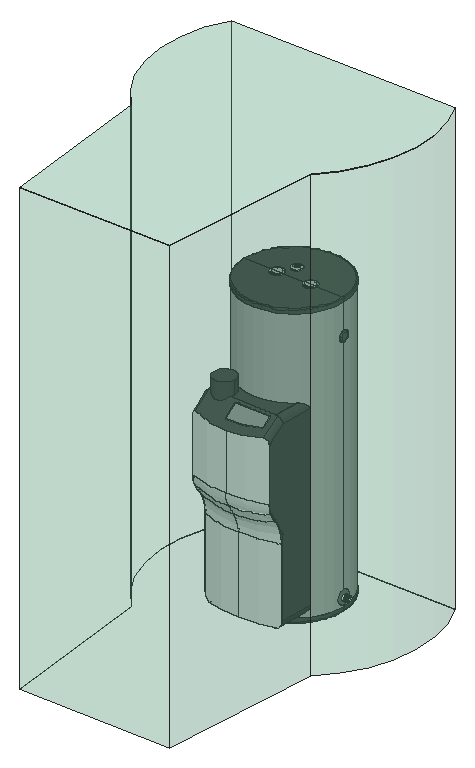
Revit family "Innovo  BENL_IR 32 245 BENL NAT", category Mechanical Equipment, Revit 2015
Parameters (values of type "IR-32-245 BENL NAT")
  Werkruimte Radius = Diameter + 170 mm  # 780 mm
  Werkruimte Hoogte = Hoogte + 1000 mm  # 2745 mm
  Werkruimte Afstand Voor = 1000 mm
  Werkruimte [instance] = yes
  Voorzorgsmaatregelen tijdens montage, installatie of onderhoud = "zie Gebruikers, Installatie, Service en Onderhouds handleiding"  # constant formula
  Voltage = 230 V  # constant formula
  Verpakkingslengte = 946 mm  # constant formula
  Verpakkingshoogte = 1895 mm
  Verpakkingsbreedte = 786 mm  # constant formula
  Uitsluitend werkend in daluren = no
  Uitschakeldruk LDS < = "210"
  Type aanduiding = "IR-32-285"
  Transportgewicht = 153 kg
  Totaal Gewicht = 438 kg
  Stilstandsverlies - dagelijks (24u) = 0 W
  Stilstandsverlies = 0 W
  Standaard Afgesteld op = "G20/G25"
  Stand Regelthermostaat = 65 °C  # constant formula
  Soort Verpakking = "Karton en Hout"  # constant formula
  Slimme controlefunctie = no
  Setpoint thermostaat = 65 °C  # constant formula
  Seizoens Rendement (Hs) = [Rendement (Hs, vlgs. NEN-EN 89 - 1999)]  # 96
  Rendement (Hs, vlgs. NEN-EN 89 - 1999) = 96
  Rendement (Hi, vlgs. NEN-EN 89 - 1999) = 107
  Produktspecificaties Link = ""
  Produkthandleiding Link = ""
  Produkt Model Nummer (EAN-nummer) = "8717449286316"
  Onderhoudsinterval = "12 maanden"  # constant formula
  Nominale Belasting (Onderwaarde) = "29000.0/24100.0"
  Nominale Belasting (Bovenwaarde) = "32200.0/26800.0"
  Nominaal Vermogen = "31000.0/25800.0"
  NOx-uitstoot mg/kWh = "37.0/27.0"
  NOx-uitstoot (lucht vrij, 0% O2) ppm = "24.0/17.0"
  Min. Stand Regelthermostaat = 40 °C  # constant formula
  Max. Werkdruk = 800000.0 Pa
  Max. Stand Regelthermostaat = 85 °C  # constant formula
  Max. Rookgastemperatuur = 65 °C
  Ledig Gewicht = 136 kg
  Kraan Hoogte 02 = if(and(Hoogte = 1745 mm, Diameter = 675 mm), 1518 mm, if(and(Hoogte = 1745 mm, Diameter = 610 mm), 1534 mm, if(Hoogte = 1545 mm, 1328 mm, 1070 mm)))  # 1534 mm
  Kraan Hoogte 01 = if(and(Diameter > 560 mm), 693 mm, 604 mm)  # 693 mm
  URL = "www.aosmith.be"
  Tapcapaciteit bij ΔT = 70°C  na 90 min. = 770.0 L
  Tapcapaciteit bij ΔT = 70°C  na 60 min. = 580.0 L
  Tapcapaciteit bij ΔT = 70°C  na 30 min. = 390.0 L
  Tapcapaciteit bij ΔT = 70°C  na 120 min. = 960.0 L
  Tapcapaciteit bij ΔT = 55°C  na 90 min. = 1000.0 L
  Tapcapaciteit bij ΔT = 55°C  na 60 min. = 760.0 L
  Tapcapaciteit bij ΔT = 55°C  na 30 min. = 520.0 L
  Tapcapaciteit bij ΔT = 55°C  na 120 min. = 1300.0 L
  Tapcapaciteit bij ΔT = 50°C  na 90 min. = 1200.0 L
  Tapcapaciteit bij ΔT = 50°C  na 60 min. = 840.0 L
  Tapcapaciteit bij ΔT = 50°C  na 30 min. = 570.0 L
  Tapcapaciteit bij ΔT = 50°C na 120 min. = 1400.0 L
  Tapcapaciteit bij ΔT = 44°C na 120 min. = 1300.0 L
  Tapcapaciteit bij ΔT = 44°C  na 90 min. = 960.0 L
  Tapcapaciteit bij ΔT = 44°C  na 60 min. = 660.0 L
  Tapcapaciteit bij ΔT = 44°C  na 30 min. = 1600.0 L
  Tapcapaciteit bij ΔT = 28°C na 90 min. = 2100.0 L
  Tapcapaciteit bij ΔT = 28°C na 60 min. = 1600.0 L
  Tapcapaciteit bij ΔT = 28°C na 30 min. = 1100.0 L
  Tapcapaciteit bij ΔT = 28°C na 120 min. = 2500.0 L
  Tapcapaciteit Continu bij ΔT = 70°C = 380.0 L/s
  Tapcapaciteit Continu bij ΔT = 55°C = 490.0 L/s
  Tapcapaciteit Continu bij ΔT = 50°C = 540.0 L/s
  Tapcapaciteit Continu bij ΔT = 44°C = 610.0 L/s
  Tapcapaciteit Continu bij ΔT = 28°C = 960.0 L/s
  Opwarmtijd bij ΔT = 70°C = "38"
  Opwarmtijd bij ΔT = 55°C = "30"
  Opwarmtijd bij ΔT = 50°C = "27"
  Opwarmtijd bij ΔT = 44°C = "24"
  Opwarmtijd bij ΔT = 28°C = "16"
  Model = "IR-32-285 BENL NAT"
  Manufacturer = "A.O. Smith Water Products Company b.v."  # constant formula
  Length = 780 mm  # constant formula
  Jaarlijks elektriciteitsverbruik (2) = "-"
  Jaarlijks elektriciteitsverbruik (1) = "48 kWh"
  Jaarlijks brandstofverbruik (2) = "-"
  Jaarlijks brandstofverbruik (1) = "21 GJ GCV"
  Isolatiedikte = 44 mm
  Installatie Typen = "B23/C13/C33/C43/C53/C63"  # constant formula
  Inhoud = 285.0 L
  Hoogte Warm Water Uitlaat = 1745 mm
  Hoogte Rookgasafvoer = 1350 mm
  Hoogte Lucht Inlaat = 1350 mm
  Hoogte Koud Water Inlaat = 170 mm
  Hoogte Gas Aansluiting = 905 mm
  Hoogte = 1745 mm
  Handelsmerk = "A.O. Smith"  # constant formula
  Geluidsniveau dB (A) = "<45"  # constant formula
  Geluidsniveau binnen = "58 dB"
  Gasverbruik - Volume ltr/hr = "3.10/3.00"
  Gasverbruik - Massa kg/h = "n.v.t."
  Gascategorie = "I2E(S)B"  # constant formula
  Gas Voordruk = "2000/2500 Pa"
  Gas Aansluiting = 15"  # constant formula
  Garrantie op Tank = "36 maanden"  # constant formula
  Garrantie op Onderdelen = "12 maanden"  # constant formula
  Frequentie = 50 Hz  # constant formula
  Fase = 1
  Fabrikantnummer = "E 7110"  # constant formula
  Energie-efficiëntieklasse voor waterverwarming (2) = "-"
  Energie-efficiëntieklasse voor waterverwarming (1) = "A"  # constant formula
  Energie-efficiëntie voor waterverwarming (2) = "-"
  Energie-efficiëntie voor waterverwarming (1) = "90%"
  Elektrisch Vermogen (piek) = 105 W
  Elektrisch Vermogen (nominaal) = 85 W
  Diameter Schoorsteen - parallel systeem = "2x80"  # constant formula
  Diameter Schoorsteen - concentrisch systeem = "80/125 mm/mm"  # constant formula
  Diameter Schoorsteen - boiler = "80/125 mm/mm"  # constant formula
  Diameter = 610 mm
  Description = "Condenserende Hoog Rendementsboiler"  # constant formula
  Created By = "http://www.cadcompany.nl/"
  Capaciteitsprofiel = "XXL"
  CO2-uitstoot (tol. +/- 1.0) vol% = "9.3/7.5"
  CE-PIN = "0063CQ3037"  # constant formula
  Breedte = Diameter  # 610 mm
  Bestemming / Land = "BelgIë"  # constant formula
  BIM Content Developer = "CAD & Company"  # constant formula
  Assembly Code = "D3010"
  Ander capaciteitsprofiel = "-"
  Aansluiting Warm Water = 1"
  Aansluiting T&P = 1"
  Aansluiting Koud Water = 3/4"  # constant formula
  Aansluiting Condensafvoer = 40 mm  # constant formula
  Aansluiting Aftapkraan = 3/4"  # constant formula
  2e Onderhoud (algeheel onderhoud) = "12 maanden na installatie"  # constant formula
  1e Onderhoud (check-up) = "3 maanden na installatie"  # constant formula
Reference planes
  plane 1 "Center (Front/Back)": y = 0
  plane 2: z = 0
  plane 3 "Center (Left/Right)": x = 0
  plane 4 "Pipe": through (-383.901, 912.349, 194.799) normal (-0.0879, -0.0879, 0.9923)
  plane 5 "footing": y = 118.925
  plane 6 "footing front": y = -237.85
  plane 7: x = -305
  plane 8: x = 305
  plane 9: z = 1745
Forms (mm)
  Revolve 1, solid, material "RAL 9005", detail levels medium+fine
    sketch origin (0, -237.85, 0) x (-1, 0, 0) y (0, 0, 1)
      loop
        line (0, 28.9) -> (-15, 28.9) -> (-15, 26.4) -> (-8.671, 26.4) -> (-8.671, 18) -> (-5.686, 18) -> (-6.626, 17.06) -> (-6.626, 12.06) -> (-8.671, 12.06) -> (-8.671, 10) -> (-10.031, 10) -> (-23.271, 5.181)
        arc (-23.271, 5.181) -> (-23.763, 4.836) -> (-24.017, 4.293) r 1.159
        line (-24.017, 4.293) -> (-24.017, 1.03)
        arc (-24.017, 1.03) -> (-23.715, 0.302) -> (-22.986, 0) r 1.03
        line (-22.986, 0) -> (0, 0) -> (0, 28.9)
      axis (0, 28.9) -> (0, 0)
    angle from 0 to 360
  Revolve 2, solid, material "RAL 9005", detail levels medium+fine
    sketch origin (0, 118.925, 0) x (-1, 0, 0) y (0, 0, 1)
      loop
        line (-205.984, 28.9) -> (-220.984, 28.9) -> (-220.984, 26.4) -> (-214.655, 26.4) -> (-214.655, 18) -> (-211.67, 18) -> (-212.61, 17.06) -> (-212.61, 12.06) -> (-214.655, 12.06) -> (-214.655, 10) -> (-216.015, 10) -> (-229.256, 5.181)
        arc (-229.256, 5.181) -> (-229.747, 4.836) -> (-230.001, 4.293) r 1.159
        line (-230.001, 4.293) -> (-230.001, 1.03)
        arc (-230.001, 1.03) -> (-229.699, 0.302) -> (-228.971, 0) r 1.03
        line (-228.971, 0) -> (-205.984, 0) -> (-205.984, 28.9)
      axis (-205.984, 28.9) -> (-205.984, 0)
    angle from 0 to 360
  Revolve 3, solid, material "RAL 9005", detail levels medium+fine
    sketch origin (0, 118.925, 0) x (-1, 0, 0) y (0, 0, 1)
      loop
        line (204.016, 28.9) -> (189.016, 28.9) -> (189.016, 26.4) -> (195.345, 26.4) -> (195.345, 18) -> (198.33, 18) -> (197.39, 17.06) -> (197.39, 12.06) -> (195.345, 12.06) -> (195.345, 10) -> (193.985, 10) -> (180.744, 5.181)
        arc (180.744, 5.181) -> (180.253, 4.836) -> (179.999, 4.293) r 1.159
        line (179.999, 4.293) -> (179.999, 1.03)
        arc (179.999, 1.03) -> (180.301, 0.302) -> (181.029, 0) r 1.03
        line (181.029, 0) -> (204.016, 0) -> (204.016, 28.9)
      axis (204.016, 28.9) -> (204.016, 0)
    angle from 0 to 360
Lines and regions (mm)
  symbolic lines
    curve 1: line (0, 280.06, 0) -> (0, -280.06, 0)
    curve 2: line (-280.06, 0, 0) -> (280.06, 0, 0)
  symbolic lines, style "Workspace"
    curve 3: line (681.142, 380.06, 0) -> (-681.142, 380.06, 0)
    curve 4: arc (-681.142, 380.06, 0) -> (-777.325, -64.546, 0) -> (-609.127, -487.2, 0) r 780
    curve 5: line (-609.127, -487.2, 0) -> (-421.783, -1517.825, 0)
    curve 6: line (-421.783, -1517.825, 0) -> (424.03, -1517.825, 0)
    curve 7: line (424.03, -1517.825, 0) -> (611.027, -484.816, 0)
    curve 8: arc (611.027, -484.816, 0) -> (777.449, -63.027, 0) -> (681.142, 380.06, 0) r 780
Dimensions and locks
  plane 5 "footing" to plane 1 "Center (Front/Back)" = 118.925 mm
  plane 1 "Center (Front/Back)" to plane 6 "footing front" = 237.85 mm
  "Diameter": plane 7 to plane 8
  equal spacing: plane 7, plane 3 "Center (Left/Right)", plane 8
  "Hoogte": plane 9 to plane 2
  "Werkruimte Afstand Voor": curve 6 to nested 3
  "Werkruimte Radius": radius of curve 4
  "Werkruimte Radius": radius of curve 8
  aligned and locked: level to plane 2
  aligned and locked: nested 3 to Revolve 1 sketch curve
  aligned and locked: plane 3 "Center (Left/Right)" to Revolve 1 sketch curve
  aligned and locked: nested 3 to plane 1 "Center (Front/Back)"
  aligned and locked: plane 3 "Center (Left/Right)" to nested 3
  aligned and locked: nested 1 to plane 8
  aligned and locked: nested 5 to plane 8
  aligned and locked: nested 2 to plane 7
  aligned and locked: nested 4 to plane 7
  aligned and locked: nested 7 to plane 7
  aligned and locked: nested 8 to plane 3 "Center (Left/Right)"
  aligned and locked: nested 8 to nested 3
  aligned and locked: curve 3 to nested 8
Automatic sketch dimensions
  Revolve 1 sketch curve to level = 0 mm
  plane 3 "Center (Left/Right)" to Revolve 1 sketch curve = 5.686 mm
  Revolve 1 sketch curve to Revolve 1 sketch curve = 0.94 mm  (x2)
  Revolve 1 sketch curve to Revolve 1 sketch curve = 2.046 mm  (x2)
  Revolve 1 sketch curve to Revolve 1 sketch curve = 1.359 mm
  Revolve 1 sketch curve to Revolve 1 sketch curve = 6.329 mm
  level to Revolve 1 sketch curve = 4.091 mm
  Revolve 1 sketch curve to Revolve 1 sketch curve = 12.844 mm
  level to Revolve 1 sketch curve = 1.03 mm
  Revolve 1 sketch curve to Revolve 1 sketch curve = 0.111 mm
  level to Revolve 1 sketch curve = 5.181 mm
  Revolve 1 sketch curve to Revolve 1 sketch curve = 0.745 mm
  level to Revolve 1 sketch curve = 10 mm
  Revolve 1 sketch curve to Revolve 1 sketch curve = 2.06 mm
  Revolve 1 sketch curve to Revolve 1 sketch curve = 5 mm
  Revolve 1 sketch curve to Revolve 1 sketch curve = 8.4 mm
  Revolve 1 sketch curve to Revolve 1 sketch curve = 2.5 mm
  Revolve 1 sketch curve to level = 19.635 mm
  Revolve 1 sketch curve to Revolve 1 sketch curve = 46.465 mm
  Revolve 2 sketch curve to level = 0 mm
  level to Revolve 2 sketch curve = 1.03 mm
  Revolve 2 sketch curve to plane 8 = 74.999 mm
  level to Revolve 2 sketch curve = 5.181 mm
  Revolve 2 sketch curve to Revolve 2 sketch curve = 0.745 mm
  Revolve 2 sketch curve to Revolve 2 sketch curve = 0.397 mm
  Revolve 2 sketch curve to Revolve 2 sketch curve = 8.271 mm
  Revolve 2 sketch curve to Revolve 2 sketch curve = 13.241 mm
  Revolve 2 sketch curve to Revolve 2 sketch curve = 1.359 mm
  Revolve 2 sketch curve to Revolve 2 sketch curve = 6.329 mm
  Revolve 2 sketch curve to Revolve 2 sketch curve = 2.046 mm
  level to Revolve 2 sketch curve = 18 mm
  Revolve 2 sketch curve to Revolve 2 sketch curve = 0.94 mm  (x2)
  Revolve 2 sketch curve to Revolve 2 sketch curve = 8.671 mm
  Revolve 2 sketch curve to Revolve 2 sketch curve = 1.089 mm
  Revolve 2 sketch curve to Revolve 2 sketch curve = 8 mm
  Revolve 2 sketch curve to Revolve 2 sketch curve = 2.06 mm
  Revolve 2 sketch curve to Revolve 2 sketch curve = 8.4 mm
  Revolve 2 sketch curve to Revolve 2 sketch curve = 2.5 mm
  Revolve 2 sketch curve to Revolve 2 sketch curve = 0 mm
  Revolve 2 sketch curve to level = 19.635 mm
  Revolve 2 sketch curve to Revolve 2 sketch curve = 46.465 mm
  Revolve 3 sketch curve to level = 0 mm
  level to Revolve 3 sketch curve = 1.03 mm
  Revolve 3 sketch curve to plane 7 = 125.001 mm
  level to Revolve 3 sketch curve = 5.181 mm
  Revolve 3 sketch curve to Revolve 3 sketch curve = 0.745 mm
  Revolve 3 sketch curve to Revolve 3 sketch curve = 0.397 mm
  Revolve 3 sketch curve to Revolve 3 sketch curve = 8.271 mm
  Revolve 3 sketch curve to Revolve 3 sketch curve = 13.241 mm
  Revolve 3 sketch curve to Revolve 3 sketch curve = 1.359 mm
  Revolve 3 sketch curve to Revolve 3 sketch curve = 6.329 mm
  Revolve 3 sketch curve to Revolve 3 sketch curve = 2.046 mm
  level to Revolve 3 sketch curve = 18 mm
  Revolve 3 sketch curve to Revolve 3 sketch curve = 0.94 mm  (x2)
  Revolve 3 sketch curve to Revolve 3 sketch curve = 8.671 mm
  Revolve 3 sketch curve to Revolve 3 sketch curve = 1.089 mm
  Revolve 3 sketch curve to Revolve 3 sketch curve = 8 mm
  Revolve 3 sketch curve to Revolve 3 sketch curve = 2.06 mm
  Revolve 3 sketch curve to Revolve 3 sketch curve = 8.4 mm
  Revolve 3 sketch curve to Revolve 3 sketch curve = 2.5 mm
  Revolve 3 sketch curve to Revolve 3 sketch curve = 0 mm
  Revolve 3 sketch curve to level = 19.635 mm
  Revolve 3 sketch curve to Revolve 3 sketch curve = 46.465 mm
  curve 4 to curve 8 = 0 mm  (x2)
  plane 1 "Center (Front/Back)" to curve 2 = 0 mm
  curve 1 to plane 3 "Center (Left/Right)" = 0 mm
  plane 1 "Center (Front/Back)" to curve 4 = 0 mm
  curve 4 to plane 3 "Center (Left/Right)" = 0 mm
  curve 5 to plane 6 "footing front" = 249.35 mm
  plane 7 to curve 5 = 116.783 mm
  plane 8 to curve 7 = 119.03 mm
  curve 7 to plane 6 "footing front" = 246.966 mm
  curve 2 to plane 7 = 24.94 mm
  curve 2 to plane 8 = 24.94 mm
  curve 1 to plane 6 "footing front" = 42.21 mm
  plane 5 "footing" to curve 1 = 161.135 mm
Nested families
  nested 1: "Valve" at (305, -0.38, 1534) x (0, 1, 0) z (0, 0, 1), built-in parameter 1001364 <- "Kraan Hoogte 02", type "Valve"
  nested 2: "Drain Valve" at (-305, 0, 1534), built-in parameter 1001364 <- "Kraan Hoogte 02", type "Drain Valve"
  nested 3: "Housing Mother Housing S 57 (external)" at (0, -299.886, 0), type "Housing Mother_Housing S_57"
    with radius 305 mm, distance to boiler center 154 mm, diameter 610 mm
  nested 4: "Drain Valve" at (-305, 0, 177), type "Drain Valve"
  nested 5: "Drain Valve" at (305, 0, 107) x (-1, 0, 0) z (0, 0, 1), type "Drain Valve"
  nested 6: "Boiler" at (0, 0, 0), height <- "Hoogte", type "Boiler"
    with height 1745 mm, radius 305 mm, Diameter 610 mm
  nested 7: "Drain Valve" at (-305, 0, 693), built-in parameter 1001364 <- "Kraan Hoogte 01", type "Drain Valve"
  nested 8: "Innovo_workspace" at (0, 0, 0), Workspace <- "Werkruimte", Workspace Distance Front <- "Werkruimte Afstand Voor", Workspace Height <- "Werkruimte Hoogte", Workspace Radius <- "Werkruimte Radius", type "Workspace"
    with Workspace Radius 780 mm, Workspace Height 2745 mm, Workspace Distance Front 1000 mm, Workspace yes, Center to Front 517.825 mm
Connectors
  piping at (339.826, 0, 107), diameter 19.05, driven by "Aansluiting Aftapkraan"
    settings: on nested 5, index 1, connector inside diameter 24", connector length 0 mm, flow factor 0, pipe flow 0.0 L/s, pressure drop 0.0 Pa, fitting loss kfactor 0, connector angle 0.00°, fixture units 0, engagement length 0 mm, angle of deflection 0.00°, flow configuration 0, flow direction 0, fitting loss method 0, system type 19, joint type 0, gender type 0, connector reference index -1, connector utility 0, adjustable connector no, is connector primary yes, connector description ""
  hvac at (-147.013, -346.326, 1310.674)
    settings: on nested 3, index 2, duct flow 0.0 L/s, flow factor 0, pres drop 0.0 Pa, loss coef 0, conn angle 0.00°, conn width 304.8 mm, conn height 304.8 mm, conn diameter 125 mm, duct sys type 4, conn prof type 0, flow config 0, flow direction 0, loss method 0, conn ref index -1, conn util no, is conn primary yes, conn desc ""
Definition of nested family "Valve"
  Parameters (values of type "Valve")
    Type Comments = "T&P valve (internal)"
    Manufacturer = "A.O. Smith"
  Reference planes
    plane 1 "Center (Front/Back)": y = 0
    plane 2: z = 0
    plane 3 "Center (Left/Right)": x = 0
  Forms (mm)
    Extrusion 1, solid, detail levels fine
      sketch origin (0, 0, 0) x (1, 0, 0) y (0, 0, 1)
        loop
          circle (0, 0) r 31.5
      from -2.271 to 1.4
    Sweep 2, solid, detail levels fine
      path origin (0, -1.4, 0) x (1, 0, 0) y (0, 0, 1)
        loop
          circle (0, 0) r 31.5
      profile origin (0, -1.4, 31.5) x (0, 0, -1) y (0, -1, 0)
        loop
          line (7.3, 0) -> (7.3, 3) -> (0, 0) -> (7.3, 0)
  Dimensions and locks
    aligned and locked: level to plane 2
Definition of nested family "Drain Valve"
  Reference planes
    plane 1 "Center (Front/Back)": y = 0
    plane 2: z = 0
    plane 3 "Center (Left/Right)": x = 0
  Forms (mm)
    Revolve 1, solid, detail levels medium+fine
      sketch origin (0, 0, 0) x (1, 0, 0) y (0, 0, 1)
        loop
          line (-33.442, 15.696) -> (-34.826, 14.329) -> (-34.93, 12.731) -> (-16.555, 12.731) -> (-16.555, 0) -> (15.787, 0) -> (15.787, 18.3) -> (-14.4, 18.3) -> (-17.148, 15.533) -> (-18.729, 16.697) -> (-20.091, 15.333) -> (-21.672, 16.496) -> (-23.034, 15.133) -> (-24.614, 16.296) -> (-25.976, 14.932) -> (-27.557, 16.096) -> (-28.919, 14.732) -> (-30.5, 15.896) -> (-31.862, 14.532) -> (-33.442, 15.696)
        axis (-34.93, 0) -> (15.787, 0)
      angle from 0 to 360
  Dimensions and locks
    aligned and locked: level to plane 2
  Nested families
    nested 1: "Rubber sealing" at (2.592, -0.155, 0) x (0.0023, -1, 0) z (0, 0, 1), type "Rubber sealing", detail levels fine
  Definition of nested family "Rubber sealing"
    Reference planes
      plane 1 "Center (Front/Back)": y = 0
      plane 2: z = 0
      plane 3 "Center (Left/Right)": x = 0
    Forms (mm)
      Extrusion 1, solid, detail levels fine
        sketch origin (141.861, 319.581, 0) x (1, 0, 0) y (0, 1, 0)
          loop
            line (-216.354, -311.898) -> (-216.354, -313.94)
            arc (-216.354, -313.94) -> (-141.602, -321.581) -> (-66.861, -313.835) r 366.966
            line (-66.861, -313.835) -> (-66.861, -311.791)
            arc (-66.861, -311.791) -> (-141.602, -319.581) -> (-216.354, -311.898) r 364.966
        from -80 to 80
      Extrusion 2, void
        sketch origin (141.861, 319.581, 0) x (1, 0, 0) y (0, 0, 1)
          loop
            circle (-141.861, 0) r 13
          loop
            circle (-141.861, 0) r 110
          loop
            circle (-141.861, 0) r 40
        from 311.563 to 332.684
      Extrusion 3, void
        sketch origin (141.861, 319.581, 0) x (1, 0, 0) y (0, 0, 1)
          loop
            circle (-141.861, 0) r 18.25
        from 315.524 to 326.084
    Cuts and joins
      Extrusion 2, Extrusion 3 cuts Extrusion 1
    Dimensions and locks
      aligned and locked: level to plane 2
Definition of nested family "Housing Mother Housing S 57 (external)"
  Parameters (values of type "Housing Mother_Housing S_57")
    radius [instance] = 280 mm
    distance to boiler center = if(diameter = 675 mm, 189 mm, if(diameter = 610 mm, 154 mm, 129 mm))  # 129 mm
    diameter = 560 mm
  Reference planes
    plane 1 "Center (Front/Back)": y = 0
    plane 2: z = 0
    plane 3 "Center (Left/Right)": x = 0
    plane 4 "left": through (-245.286, 145.886, 1200) normal (0.9994, 0.0349, 0)
    plane 5: y = -217.939
    plane 6: y = 145.886
    plane 7: z = 1232.6
    plane 8: z = 65.89
    plane 9 "right": through (245.286, 145.886, 1200) normal (0.9994, -0.0349, 0)
    plane 10 "display": through (0, -90.37, 1221.196) normal (0, -0.5736, 0.8192)
    plane 11 "Potentiostat": z = 867.899
    plane 12 "boiler center": y = 274.886
    plane 13: x = -280
    plane 14: x = 280
  Forms (mm)
    Extrusion 1, solid
      sketch origin (0, 0, 0) x (1, 0, 0) y (0, 1, 0)
        loop
          line (-245.286, 145.886) -> (-232.581, -217.939) -> (232.581, -217.939) -> (245.286, 145.886)
          arc (245.286, 145.886) -> (0, 0.923) -> (-245.286, 145.886) r 280
      from 0 to 1232.6
    Sweep 2, void
      path origin (0, 0, 0) x (0, 1, 0) y (0, 0, 1)
        loop
          line (-217.939, 1232.6) -> (-217.939, 795.555)
          arc (-217.939, 795.555) -> (-212.387, 754.285) -> (-197.694, 715.322) r 183.924
          arc (-197.694, 715.322) -> (-179.915, 684.628) -> (-159.106, 655.901) r 348.284
          arc (-159.106, 655.901) -> (-131.411, 600.328) -> (-121.88, 538.973) r 202.254
          line (-121.88, 538.973) -> (-121.88, 61.106)
      profile origin (0, -217.939, 1014.077) x (1, 0, 0) y (0, 1, 0)
        loop
          arc (0, 0) -> (-117.533, 9.941) -> (-231.728, 39.475) r 699.984
          arc (-231.728, 39.475) -> (-233.391, 40.705) -> (-234.07, 42.659) r 3.505
          line (-234.07, 42.659) -> (-254.062, 42.659) -> (-254.062, -142.593) -> (254.07, -142.593) -> (254.07, 42.659) -> (234.07, 42.659)
          arc (234.07, 42.659) -> (233.391, 40.705) -> (231.728, 39.475) r 3.505
          arc (231.728, 39.475) -> (117.533, 9.941) -> (0, 0) r 699.984
    Extrusion 3, void
      sketch origin (0, 0, 0) x (0, 1, 0) y (0, 0, 1)
        loop
          arc (102.864, 70.869) -> (99.804, 70.709) -> (96.874, 69.813) r 12.57
          arc (96.874, 69.813) -> (87.878, 66.533) -> (78.516, 64.529) r 69.114
          arc (78.516, 64.529) -> (76.41, 64.284) -> (74.294, 64.148) r 41.206
          arc (74.294, 64.148) -> (65.203, 64.335) -> (56.122, 64.782) r 318.661
          arc (56.122, 64.782) -> (30.585, 66.179) -> (5.028, 67.128) r 1456.581
          line (5.028, 67.128) -> (-84.534, 73.135)
          arc (-84.534, 73.135) -> (-86.363, 73.808) -> (-87.536, 75.365) r 3.455
          line (-87.536, 75.365) -> (-264.473, 75.365) -> (-264.473, 0) -> (160.886, 0) -> (160.886, 103.945) -> (145.886, 103.945)
          arc (145.886, 103.945) -> (145.104, 97.827) -> (142.923, 92.059) r 26.364
          arc (142.923, 92.059) -> (141.067, 88.936) -> (138.867, 86.045) r 31.715
          arc (138.867, 86.045) -> (135.576, 82.49) -> (132.021, 79.2) r 62.615
          arc (132.021, 79.2) -> (125.841, 74.697) -> (119.091, 71.103) r 54.444
          arc (119.091, 71.103) -> (116.371, 70.272) -> (113.531, 70.123) r 11.669
          line (113.531, 70.123) -> (102.864, 70.869)
      from -254.062 to 254.07
    Sweep 4, void
      path origin (0, 0, 0) x (1, 0, 0) y (0, 1, 0)
        loop
          line (-245.286, 145.886) -> (-232.581, -217.939)
      profile origin (-238.933, -36.027, 0) x (0.999391, 0.034899, 0) y (0, 0, 1)
        loop
          line (-4.454, 0) -> (47.084, 0) -> (47.084, 73.431)
          arc (47.084, 73.431) -> (14.222, 85.134) -> (0.255, 117.1) r 43.922
          line (0.255, 117.1) -> (-4.454, 117.1) -> (-4.454, 0)
    Sweep 5, void
      path origin (0, 0, 0) x (-1, 0, 0) y (0, 1, 0)
        loop
          line (-245.286, 145.886) -> (-232.581, -217.939)
      profile origin (238.933, -36.027, 0) x (0.999391, -0.034899, 0) y (0, 0, 1)
        loop
          line (4.454, 0) -> (4.454, 117.1) -> (-0.255, 117.1)
          arc (-0.255, 117.1) -> (-14.222, 85.134) -> (-47.084, 73.431) r 43.922
          line (-47.084, 73.431) -> (-47.084, 0) -> (4.454, 0)
    Sweep 6, void
      path origin (-239.899, -8.377, 0) x (-0.034899, 0.999391, 0) y (0, 0, 1)
        loop
          line (-209.69, 1141.272) -> (-79.18, 1232.6) -> (154.358, 1232.6)
      profile origin (-241.211, 29.188, 1232.6) x (0, 0, 1) y (0.999391, 0.034899, 0)
        loop
          line (-45, -30) -> (75, -30) -> (75, 0) -> (75, 55) -> (2.799, 55) -> (-1.253, 35.128)
          arc (-1.253, 35.128) -> (-16.771, 9.564) -> (-45, -0.308) r 44.287
          line (-45, -0.308) -> (-45, -30)
    Sweep 7, void
      path origin (239.899, -8.377, 0) x (0.034899, 0.999391, 0) y (0, 0, 1)
        loop
          line (-209.69, 1141.272) -> (-79.18, 1232.6) -> (154.358, 1232.6)
      profile origin (241.211, 29.188, 1232.6) x (0, 0, -1) y (-0.999391, 0.034899, 0)
        loop
          line (-75, -25) -> (45, -25) -> (45, -0.308)
          arc (45, -0.308) -> (16.771, 9.564) -> (1.253, 35.128) r 44.287
          line (1.253, 35.128) -> (-2.799, 55) -> (-75, 55) -> (-75, -25)
    Extrusion 8, void
      sketch origin (0, 0, 0) x (0, 1, 0) y (0, 0, 1)
        loop
          line (-270, 1336.099) -> (-270, 1099.081) -> (68.497, 1336.099) -> (-270, 1336.099)
      from -425.038 to 444.42
    Extrusion 9, solid, detail levels medium+fine
      sketch origin (0, 0, 0) x (1, 0, 0) y (0, 1, 0)
        loop
          circle (-147.013, -46.44) r 65
      from 1163.174 to 1310.674
    Extrusion 10, void
      sketch origin (0, -603.506, 861.895) x (0, 0.819152, 0.573576) y (-1, 0, 0)
        loop
          arc (618.322, -173) -> (623.272, -170.95) -> (625.322, -166) r 7
          line (625.322, -166) -> (625.322, 35)
          arc (625.322, 35) -> (623.272, 39.95) -> (618.322, 42) r 7
          line (618.322, 42) -> (535.473, 42)
          arc (535.473, 42) -> (530.688, 40.11) -> (528.488, 35.46) r 7
          arc (528.488, 35.46) -> (531.569, -67.592) -> (554.18, -168.18) r 540
          arc (554.18, -168.18) -> (556.724, -171.668) -> (560.831, -173) r 7
          line (560.831, -173) -> (618.322, -173)
      from 0 to 137.286
    Sweep 11, solid, detail levels fine
      path origin (0, 0, 867.899) x (-1, 0, 0) y (0, -1, 0)
        loop
          line (309.749, -35.617) -> (204.371, -35.617)
          arc (204.371, -35.617) -> (196.509, -34.687) -> (189.082, -31.947) r 33.677
          line (189.082, -31.947) -> (-9.574, 69.274)
      profile origin (-257.06, 35.617, 867.899) x (0, 1, 0) y (0, 0, 1)
        loop
          circle (0, 0) r 7.316
        loop
          circle (0, 0) r 6.465
    Revolve 12, void
      sketch origin (0, 274.886, 0) x (-1, 0, 0) y (0, 0, 1)
        loop
          line (280, 1243.838) -> (0, 1243.838) -> (0, 54.9) -> (280, 54.9) -> (280, 1243.838)
        axis (0, 1243.838) -> (0, 54.9)
      angle from 0 to 360
  Cuts and joins
    Sweep 2, Extrusion 3, Sweep 4, Sweep 5, Sweep 6, Sweep 7, Extrusion 8, Extrusion 10, Revolve 12 cuts Extrusion 1
  Dimensions and locks
    plane 8 to plane 2 = 65.89 mm
    plane 7 to plane 8 = 1166.71 mm
    "distance to boiler center": plane 12 "boiler center" to plane 6
    "diameter": plane 14 to plane 13
    equal spacing: plane 14, plane 3 "Center (Left/Right)", plane 13
    "radius": plane 3 "Center (Left/Right)" to plane 13
    aligned and locked: level to plane 2
    aligned and locked: Extrusion 1 to plane 7
    aligned and locked: Extrusion 1 sketch curve to plane 5
    aligned and locked: Sweep 2 to Extrusion 3
    aligned and locked: Extrusion 3 to Sweep 2  (x2)
    aligned and locked: plane 7 to Sweep 2 sketch curve
    aligned and locked: plane 3 "Center (Left/Right)" to Revolve 12 sketch curve
    aligned and locked: Revolve 12 sketch curve to plane 3 "Center (Left/Right)"
    aligned and locked: plane 13 to Revolve 12 sketch curve
  Automatic sketch dimensions
    Extrusion 1 sketch curve to plane 4 "left" = 0 mm  (x2)
    Extrusion 1 sketch curve to plane 6 = 0 mm  (x2)
    Extrusion 1 sketch curve to plane 3 "Center (Left/Right)" = 0 mm
    Extrusion 1 sketch curve to plane 9 "right" = 0 mm
    plane 6 to Extrusion 1 sketch curve = 135.037 mm
    Sweep 2 sketch curve to plane 5 = 0 mm
    plane 5 to Sweep 2 sketch curve = 106.195 mm
    Sweep 2 sketch curve to plane 5 = 96.059 mm
    plane 1 "Center (Front/Back)" to Sweep 2 sketch curve = 34.053 mm
    plane 11 "Potentiostat" to Sweep 2 sketch curve = 6.417 mm
    Sweep 2 sketch curve to plane 6 = 33.705 mm
    Sweep 2 sketch curve to plane 11 "Potentiostat" = 68.615 mm
    Sweep 2 sketch curve to plane 11 "Potentiostat" = 72.345 mm
    Sweep 2 sketch curve to Sweep 2 sketch curve = 176.349 mm
    Sweep 2 sketch curve to Sweep 2 sketch curve = 0 mm  (x2)
    plane 8 to Sweep 2 sketch curve = 4.784 mm
    Extrusion 3 sketch curve to level = 0 mm
    Extrusion 3 sketch curve to plane 6 = 0 mm
    Extrusion 3 sketch curve to plane 6 = 26.363 mm
    Extrusion 3 sketch curve to Extrusion 3 sketch curve = 4.75 mm
    Extrusion 3 sketch curve to Extrusion 3 sketch curve = 5.179 mm
    Extrusion 3 sketch curve to plane 8 = 4.232 mm
    Extrusion 3 sketch curve to Extrusion 3 sketch curve = 0.814 mm
    Extrusion 3 sketch curve to plane 8 = 4.978 mm
    Extrusion 3 sketch curve to Extrusion 3 sketch curve = 10.667 mm
    Extrusion 3 sketch curve to Extrusion 3 sketch curve = 0.877 mm
    Extrusion 3 sketch curve to Extrusion 3 sketch curve = 17.827 mm
    Extrusion 3 sketch curve to Extrusion 3 sketch curve = 5.646 mm
    Extrusion 3 sketch curve to plane 6 = 69.562 mm
    Extrusion 3 sketch curve to Extrusion 3 sketch curve = 18.6 mm
    Extrusion 3 sketch curve to Extrusion 3 sketch curve = 22.538 mm
    Extrusion 3 sketch curve to plane 8 = 1.238 mm
    Extrusion 3 sketch curve to plane 1 "Center (Front/Back)" = 5.028 mm
    plane 1 "Center (Front/Back)" to Extrusion 3 sketch curve = 36.224 mm
    Extrusion 3 sketch curve to plane 8 = 10.692 mm
    plane 1 "Center (Front/Back)" to Extrusion 3 sketch curve = 84.302 mm
    Extrusion 3 sketch curve to plane 8 = 7.244 mm
    Extrusion 3 sketch curve to Extrusion 3 sketch curve = 0.231 mm
    Extrusion 3 sketch curve to Extrusion 3 sketch curve = 3.234 mm
    plane 5 to Extrusion 3 sketch curve = 46.534 mm
    plane 6 to Extrusion 3 sketch curve = 15 mm
    Extrusion 3 sketch curve to level = 1388.869 mm
    plane 8 to Extrusion 3 sketch curve = 7.561 mm
    Extrusion 3 sketch curve to Extrusion 3 sketch curve = 11.64 mm
    Extrusion 3 sketch curve to plane 8 = 38.054 mm
    Extrusion 3 sketch curve to Extrusion 3 sketch curve = 22.442 mm
    Extrusion 3 sketch curve to plane 8 = 39.432 mm
    Extrusion 3 sketch curve to Extrusion 3 sketch curve = 2.466 mm
    Extrusion 3 sketch curve to Extrusion 3 sketch curve = 14.17 mm
    Extrusion 3 sketch curve to Extrusion 3 sketch curve = 5.925 mm
    Extrusion 3 sketch curve to Extrusion 3 sketch curve = 6.186 mm
    Extrusion 3 sketch curve to Extrusion 3 sketch curve = 249.85 mm
    Extrusion 3 sketch curve to Extrusion 3 sketch curve = 0 mm  (x4)
    Extrusion 3 sketch curve to Extrusion 3 sketch curve = 6.845 mm
    plane 8 to Extrusion 3 sketch curve = 1.743 mm
    Sweep 4 sketch curve to plane 4 "left" = 0 mm  (x2)
    Sweep 4 sketch curve to plane 6 = 0 mm
    plane 5 to Sweep 4 sketch curve = 0 mm
    Sweep 4 sketch curve to level = 0 mm
    profile plane to Sweep 4 sketch curve = 4.454 mm
    Sweep 4 sketch curve to profile plane = 0.255 mm
    Sweep 4 sketch curve to Sweep 4 sketch curve = 43.922 mm
    Sweep 4 sketch curve to profile plane = 47.084 mm
    level to Sweep 4 sketch curve = 73.431 mm
    Sweep 4 sketch curve to Sweep 4 sketch curve = 43.669 mm
    Sweep 5 sketch curve to plane 6 = 0 mm
    Sweep 5 sketch curve to plane 9 "right" = 0 mm  (x2)
    plane 5 to Sweep 5 sketch curve = 0 mm
    Sweep 5 sketch curve to level = 0 mm
    profile plane to Sweep 5 sketch curve = 47.084 mm
    Sweep 5 sketch curve to Sweep 5 sketch curve = 2.907 mm
    profile plane to Sweep 5 sketch curve = 0.255 mm
    Sweep 5 sketch curve to profile plane = 4.454 mm
    level to Sweep 5 sketch curve = 73.431 mm
    Sweep 5 sketch curve to Sweep 5 sketch curve = 43.669 mm
    Sweep 6 sketch curve to plane 7 = 0 mm
    plane 7 to Sweep 6 sketch curve = 91.328 mm
    Sweep 6 sketch curve to Sweep 6 sketch curve = 130.509 mm
    Sweep 6 sketch curve to Sweep 6 sketch curve = 233.538 mm
    Sweep 6 sketch curve to plane 4 "left" = 0 mm
    profile plane to Sweep 6 sketch curve = 45 mm
    Sweep 6 sketch curve to Sweep 6 sketch curve = 0.354 mm
    profile plane to Sweep 6 sketch curve = 1.253 mm
    Sweep 6 sketch curve to profile plane = 2.799 mm
    Sweep 6 sketch curve to Sweep 6 sketch curve = 72.201 mm
    Sweep 6 sketch curve to plane 4 "left" = 0.308 mm
    Sweep 6 sketch curve to Sweep 6 sketch curve = 29.692 mm
    plane 4 "left" to Sweep 6 sketch curve = 35.128 mm
    plane 4 "left" to Sweep 6 sketch curve = 55 mm
    Sweep 7 sketch curve to plane 7 = 0 mm
    Sweep 7 sketch curve to plane 7 = 91.328 mm
    Sweep 7 sketch curve to Sweep 7 sketch curve = 130.509 mm
    Sweep 7 sketch curve to Sweep 7 sketch curve = 233.538 mm
    Sweep 7 sketch curve to plane 9 "right" = 25 mm
    profile plane to Sweep 7 sketch curve = 75 mm
    profile plane to Sweep 7 sketch curve = 2.799 mm
    Sweep 7 sketch curve to profile plane = 1.253 mm
    Sweep 7 sketch curve to Sweep 7 sketch curve = 43.393 mm
    Sweep 7 sketch curve to profile plane = 45 mm
    Sweep 7 sketch curve to plane 9 "right" = 0.308 mm
    plane 9 "right" to Sweep 7 sketch curve = 35.128 mm
    Sweep 7 sketch curve to Sweep 7 sketch curve = 19.872 mm
    plane 5 to Extrusion 8 sketch curve = 52.061 mm
    Extrusion 8 sketch curve to plane 1 "Center (Front/Back)" = 68.497 mm
    plane 7 to Extrusion 8 sketch curve = 133.519 mm
    Extrusion 8 sketch curve to plane 7 = 103.499 mm
    plane 1 "Center (Front/Back)" to Extrusion 9 sketch curve = 46.44 mm
    Extrusion 9 sketch curve to plane 3 "Center (Left/Right)" = 147.013 mm
    Extrusion 10 sketch curve to plane 3 "Center (Left/Right)" = 0 mm
    Extrusion 10 sketch curve to plane 3 "Center (Left/Right)" = 35 mm
    Extrusion 10 sketch curve to Extrusion 10 sketch curve = 25.359 mm
    Extrusion 10 sketch curve to Extrusion 10 sketch curve = 57.491 mm
    Extrusion 10 sketch curve to plane 3 "Center (Left/Right)" = 42 mm
    Extrusion 10 sketch curve to Extrusion 10 sketch curve = 82.85 mm
    Extrusion 10 sketch curve to Extrusion 10 sketch curve = 7 mm
    Extrusion 10 sketch curve to Extrusion 10 sketch curve = 442 mm
    plane 3 "Center (Left/Right)" to Extrusion 10 sketch curve = 166 mm
    Extrusion 10 sketch curve to Extrusion 10 sketch curve = 0 mm  (x2)
    Sweep 11 sketch curve to plane 1 "Center (Front/Back)" = 31.947 mm
    Sweep 11 sketch curve to plane 3 "Center (Left/Right)" = 189.082 mm
    Sweep 11 sketch curve to plane 1 "Center (Front/Back)" = 1.94 mm
    Sweep 11 sketch curve to Sweep 11 sketch curve = 15.289 mm
    plane 3 "Center (Left/Right)" to Sweep 11 sketch curve = 9.574 mm
    Sweep 11 sketch curve to Sweep 11 sketch curve = 105.378 mm
    plane 1 "Center (Front/Back)" to Sweep 11 sketch curve = 69.274 mm
    Sweep 11 sketch curve to Sweep 11 sketch curve = 0 mm  (x2)
    Sweep 11 sketch curve to plane 11 "Potentiostat" = 0 mm
    Sweep 11 sketch curve to profile plane = 0 mm
    plane 8 to Revolve 12 sketch curve = 10.99 mm
    Revolve 12 sketch curve to plane 7 = 11.238 mm
    Revolve 12 sketch curve to level = 366.045 mm
    Revolve 12 sketch curve to Revolve 12 sketch curve = 971.917 mm
    Sweep 2 sketch curve to plane 3 "Center (Left/Right)" = 0 mm
    profile plane to Sweep 2 sketch curve = 0 mm
    Sweep 2 sketch curve to plane 3 "Center (Left/Right)" = 0.016 mm
    Sweep 2 sketch curve to profile plane = 42.782 mm  (x2)
    Sweep 2 sketch curve to plane 3 "Center (Left/Right)" = 230.568 mm
    plane 3 "Center (Left/Right)" to Sweep 2 sketch curve = 0.016 mm
    plane 3 "Center (Left/Right)" to Sweep 2 sketch curve = 230.568 mm
    Sweep 2 sketch curve to Sweep 2 sketch curve = 3.502 mm  (x2)
    Sweep 2 sketch curve to Sweep 2 sketch curve = 20 mm
    profile plane to Sweep 2 sketch curve = 142.593 mm
    Sweep 2 sketch curve to Sweep 2 sketch curve = 0.122 mm  (x2)
    Sweep 2 sketch curve to Sweep 2 sketch curve = 657.203 mm
    Sweep 2 sketch curve to Sweep 2 sketch curve = 19.991 mm
    radius of Extrusion 9 sketch curve = 65 mm
    radius of Sweep 11 sketch curve = 7.316 mm
    radius of Sweep 11 sketch curve = 6.465 mm
  Nested families
    nested 1: "display" at (65.5, -130.939, 1192.79) x (-1, 0, 0) z (0, -0.5736, 0.8192), type "display"
  Definition of nested family "display"
    Parameters (values of type "display")
      Default Elevation = 1219.2 mm
    Reference planes
      plane 1 "Center (Front/Back)": y = 0
      plane 2: z = 0
      plane 3 "Center (Left/Right)": x = 0
    Forms (mm)
      Extrusion 1, solid, detail levels medium+fine
        sketch origin (-16.958, 11.842, -343.878) x (1, 0, 0) y (0, 0, -1)
          loop
            line (-233.523, -343.878) -> (-233.523, -346.592) -> (332.686, -346.592) -> (332.686, -343.878) -> (-233.523, -343.878)
        from -228.7 to 150.822
      Extrusion 2, void
        sketch origin (-16.958, 6.842, -343.878) x (1, 0, 0) y (0, 1, 0)
          loop
            line (-233.523, 155.822) -> (-233.523, -223.7) -> (332.686, -223.7) -> (332.686, 155.822) -> (-233.523, 155.822)
          loop
            arc (-90.542, -48.267) -> (-88.492, -53.216) -> (-83.542, -55.267) r 7
            line (-83.542, -55.267) -> (117.458, -55.267)
            arc (117.458, -55.267) -> (122.408, -53.216) -> (124.458, -48.267) r 7
            line (124.458, -48.267) -> (124.458, 34.583)
            arc (124.458, 34.583) -> (122.568, 39.368) -> (117.918, 41.568) r 7
            arc (117.918, 41.568) -> (14.866, 38.487) -> (-85.722, 15.876) r 540
            arc (-85.722, 15.876) -> (-89.21, 13.332) -> (-90.542, 9.224) r 7
            line (-90.542, 9.224) -> (-90.542, -48.267)
        from 328.878 to 363.083
    Cuts and joins
      Extrusion 2 cuts Extrusion 1
    Dimensions and locks
      aligned and locked: level to plane 2
Definition of nested family "Boiler"
  Parameters (values of type "Boiler")
    radius [instance] = 280 mm
    height [instance] = 1270 mm
    Diameter = 560 mm
  Reference planes
    plane 1 "Center (Front/Back)": y = 0
    plane 2: z = 0
    plane 3 "Center (Left/Right)": x = 0
    plane 4: z = 1243.838
    plane 5: z = 1270
    plane 6 "bottom": z = 28.9
    plane 7: z = 54.9
    plane 8 "top controle": y = 88
    plane 9: x = -280
    plane 10: x = 280
  Forms (mm)
    Revolve 1, solid
      sketch origin (0, 0, 0) x (1, 0, 0) y (0, 0, 1)
        loop
          line (0, 54.9) -> (-280, 54.9) -> (-280, 32.9)
          arc (-280, 32.9) -> (-278.828, 30.072) -> (-276, 28.9) r 4
          line (-276, 28.9) -> (0, 28.9) -> (0, 54.9)
        axis (0, 28.9) -> (0, 54.9)
      angle from 0 to 360
    Revolve 2, solid
      sketch origin (1.311, 0, 0) x (1, 0, 0) y (0, 0, 1)
        loop
          line (-278.86, 1243.838) -> (-278.86, 54.9) -> (-1.311, 54.9) -> (-1.311, 1243.838) -> (-278.86, 1243.838)
        axis (-1.311, 1243.838) -> (-1.311, 54.9)
      angle from 0 to 360
    Revolve 3, solid
      sketch origin (-9.205, 0, 377.212) x (-1, 0, 0) y (0, 0, 1)
        loop
          line (-148.904, 892.788) -> (-110.805, 892.788) -> (-110.805, 895.963) -> (-141.883, 895.963) -> (-148.904, 893.62) -> (-148.904, 892.788)
        axis (-110.805, 892.788) -> (-110.805, 895.963)
      angle from 0 to 360
    Revolve 4, solid
      sketch origin (0, 0, 718.065) x (1, 0, 0) y (0, 0, -1)
        loop
          line (0, -525.773) -> (-280, -525.773) -> (-280, -547.935)
          arc (-280, -547.935) -> (-278.828, -550.763) -> (-276, -551.935) r 4
          line (-276, -551.935) -> (0, -551.935) -> (0, -525.773)
        axis (0, -551.935) -> (0, -525.773)
      angle from 0 to 360
    Revolve 5, solid
      sketch origin (0, 88, 0) x (1, 0, 0) y (0, 0, 1)
        loop
          line (-19.051, 1270) -> (-19.051, 1271.074) -> (-32.63, 1275.604) -> (-32.63, 1271.117) -> (-37.266, 1271.117) -> (-38.383, 1270) -> (-19.051, 1270)
        axis (-50.8, 1270) -> (-50.8, 1275.604)
      angle from 0 to 360
    Revolve 6, solid
      sketch origin (-217.12, 0, 372.245) x (-1, 0, 0) y (0, 0, 1)
        loop
          line (-153.622, 897.755) -> (-115.52, 897.755) -> (-115.52, 900.93) -> (-146.626, 900.93) -> (-153.622, 898.596) -> (-153.622, 897.755)
        axis (-115.52, 897.755) -> (-115.52, 900.93)
      angle from 0 to 360
  Dimensions and locks
    "height": plane 5 to plane 2
    plane 6 "bottom" to plane 2 = 28.9 mm
    locked: plane 5 to plane 4 at 26.162
    locked: plane 1 "Center (Front/Back)" to plane 8 "top controle" at 88
    "Diameter": plane 10 to plane 9
    equal spacing: plane 10, plane 3 "Center (Left/Right)", plane 9
    "radius": plane 3 "Center (Left/Right)" to plane 9
    locked: plane 9 to Revolve 2 sketch curve at 2.452
    aligned and locked: level to plane 2
    aligned and locked: Revolve 2 sketch curve to plane 7
    aligned and locked: Revolve 2 sketch curve to plane 4
    aligned and locked: Revolve 1 sketch curve to plane 7
    aligned and locked: plane 6 "bottom" to Revolve 1 sketch curve
    aligned and locked: Revolve 4 sketch curve to plane 3 "Center (Left/Right)"
    aligned and locked: plane 5 to Revolve 4 sketch curve
    aligned and locked: Revolve 4 sketch curve to plane 4
    aligned and locked: plane 9 to Revolve 4 sketch curve
    aligned and locked: Revolve 1 sketch curve to plane 9
    aligned and locked: Revolve 2 sketch curve to plane 3 "Center (Left/Right)"
    aligned and locked: plane 3 "Center (Left/Right)" to Revolve 2 sketch curve
  Automatic sketch dimensions
    Revolve 1 sketch curve to plane 3 "Center (Left/Right)" = 0 mm  (x2)
    Revolve 1 sketch curve to Revolve 1 sketch curve = 4 mm
    Revolve 1 sketch curve to level = 40 mm
    Revolve 1 sketch curve to Revolve 1 sketch curve = 305.1 mm
    Revolve 2 sketch curve to level = 366.045 mm
    Revolve 2 sketch curve to plane 5 = 945.755 mm
    Revolve 3 sketch curve to plane 5 = 0 mm
    Revolve 3 sketch curve to plane 3 "Center (Left/Right)" = 139.699 mm
    plane 5 to Revolve 3 sketch curve = 3.175 mm
    Revolve 3 sketch curve to Revolve 3 sketch curve = 7.022 mm
    Revolve 3 sketch curve to Revolve 3 sketch curve = 31.078 mm
    Revolve 3 sketch curve to Revolve 3 sketch curve = 0.832 mm
    Revolve 3 sketch curve to Revolve 3 sketch curve = 0 mm
    Revolve 3 sketch curve to Revolve 3 sketch curve = 2.338 mm
    Revolve 3 sketch curve to Revolve 3 sketch curve = 4.487 mm
    Revolve 4 sketch curve to plane 3 "Center (Left/Right)" = 0 mm
    Revolve 4 sketch curve to Revolve 4 sketch curve = 4 mm
    Revolve 4 sketch curve to Revolve 4 sketch curve = 68.738 mm
    Revolve 4 sketch curve to Revolve 4 sketch curve = 305.1 mm
    Revolve 6 sketch curve to plane 5 = 0 mm
    plane 3 "Center (Left/Right)" to Revolve 6 sketch curve = 63.497 mm
    plane 5 to Revolve 6 sketch curve = 3.175 mm
    Revolve 6 sketch curve to Revolve 6 sketch curve = 6.997 mm
    Revolve 6 sketch curve to Revolve 6 sketch curve = 31.106 mm
    Revolve 6 sketch curve to Revolve 6 sketch curve = 0.84 mm
    Revolve 6 sketch curve to Revolve 6 sketch curve = 0 mm
    Revolve 6 sketch curve to Revolve 6 sketch curve = 7.216 mm
    Revolve 6 sketch curve to Revolve 6 sketch curve = 0.391 mm
    Revolve 5 sketch curve to Revolve 5 sketch curve = 13.578 mm
    Revolve 5 sketch curve to Revolve 5 sketch curve = 1.074 mm
    Revolve 5 sketch curve to Revolve 5 sketch curve = 12.417 mm
    Revolve 5 sketch curve to Revolve 5 sketch curve = 5.753 mm
    Revolve 5 sketch curve to plane 5 = 1.117 mm
    Revolve 5 sketch curve to Revolve 5 sketch curve = 1.117 mm
    plane 5 to Revolve 5 sketch curve = 4.396 mm
    Revolve 5 sketch curve to plane 5 = 0 mm
    Revolve 5 sketch curve to Revolve 5 sketch curve = 4.487 mm
    Revolve 5 sketch curve to plane 3 "Center (Left/Right)" = 38.383 mm
    Revolve 5 sketch curve to plane 5 = 5.604 mm
Definition of nested family "Innovo_workspace"
  Parameters (values of type "Workspace")
    Workspace Radius [instance] = 730 mm
    Workspace Height [instance] = 2270 mm
    Workspace Distance Front [instance] = 1000 mm
    Workspace [instance] = yes
    URL = "www.aosmith.nl"
    Model = ""
    Manufacturer = "A.O. Smith Water Products Company b.v."  # constant formula
    Description = ""
    Created By = ""
    Center to Front [instance] = 492.825 mm
    BIM Content Developer = "CAD & Company"  # constant formula
    Assembly Code = ""
  Reference planes
    plane 1 "Center (Front/Back)": y = 0
    plane 2: z = 0
    plane 3 "Center (Left/Right)": x = 0
    plane 4 "Pipe": through (-383.901, 912.349, 194.799) normal (-0.0879, -0.0879, 0.9923)
    plane 5 "front": y = -492.825
  Forms (mm)
    Extrusion 1, solid, visible <- "Workspace"
      sketch origin (0, 0, 0) x (1, 0, 0) y (0, 1, 0)
        loop
          line (456.53, -1492.825) -> (500.201, -531.695)
          arc (500.201, -531.695) -> (723.44, -97.643) -> (623.261, 380.06) r 730
          line (623.261, 380.06) -> (-623.261, 380.06)
          arc (-623.261, 380.06) -> (-723.227, -99.209) -> (-497.893, -533.856) r 730
          line (-497.893, -533.856) -> (-454.283, -1492.825) -> (456.53, -1492.825)
      from 0 to 2270 <- "Workspace Height"
  Lines and regions (mm)
    symbolic lines
      curve 1: line (0, 280.06, 0) -> (0, -280.06, 0)
      curve 2: line (-255.06, 0, 0) -> (255.06, 0, 0)
  Dimensions and locks
    locked: Extrusion 1 sketch curve to curve 1 at 100
    "Workspace Distance Front": plane 5 "front" to Extrusion 1
    "Center to Front": plane 1 "Center (Front/Back)" to plane 5 "front"
    "Workspace Radius": radius of Extrusion 1 sketch curve  (x2)
    aligned and locked: level to plane 2
  Automatic sketch dimensions
    plane 1 "Center (Front/Back)" to curve 2 = 0 mm
    curve 1 to plane 3 "Center (Left/Right)" = 0 mm
    plane 3 "Center (Left/Right)" to curve 2 = 255.06 mm
    curve 1 to plane 1 "Center (Front/Back)" = 280.06 mm
    curve 2 to plane 3 "Center (Left/Right)" = 255.06 mm
    plane 5 "front" to curve 1 = 212.765 mm
    Extrusion 1 sketch curve to Extrusion 1 sketch curve = 0 mm  (x2)
    plane 1 "Center (Front/Back)" to Extrusion 1 sketch curve = 0 mm
    Extrusion 1 sketch curve to plane 3 "Center (Left/Right)" = 0 mm
    Extrusion 1 sketch curve to plane 5 "front" = 41.031 mm
    Extrusion 1 sketch curve to plane 3 "Center (Left/Right)" = 454.283 mm
    plane 3 "Center (Left/Right)" to Extrusion 1 sketch curve = 456.53 mm
    Extrusion 1 sketch curve to plane 5 "front" = 38.869 mm
    Extrusion 1 sketch curve to Extrusion 1 sketch curve = 961.131 mm
